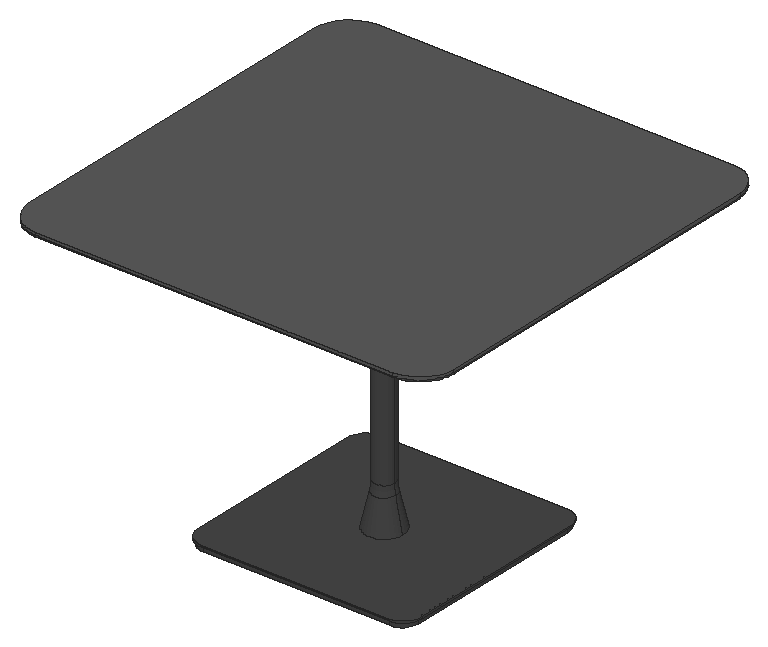
Revit family "NBS_Allermuir_OffcTbls-en-us-FortySeven_WorkLoungeTables", category Furniture, Revit 2018
Family settings
  Work Plane-Based = No
  Always vertical = Yes
  Cut with Voids When Loaded = No
  Shared = No
  Room Calculation Point = No
Parameters (values of type "FortySeven_WorkLoungeTable_FRSW36SQ")
  WorksurfaceArea = 0.00 m²
  WarrantyStartDate [instance] = "1900-12-31T23:59:59"
  WarrantyGuarantorParts = "sales@allermuir.com"
  WarrantyGuarantorLabor = "n/a"
  WarrantyDurationUnit = "year"
  WarrantyDurationParts = "10"
  WarrantyDurationLabor = "n/a"
  WarrantyDescription = "Allermuir warrant that its manufactured products are free from manufacturing defects - in materials or workmanship - for a period of ten (10) years. , Allermuir will repair, or replace (at Allermuir's sole discretion) with comparable free of charge materials / components, any product / component which fails under normal use in a single shift environment, as a result of a defect in the materials and/ or workmanship"
  Version = "1"  # constant formula
  Uniclass2015Version = "Products v1.15"
  Uniclass2015Title = "Office tables"
  Uniclass2015Code = "Pr_40_50_21_60"
  TagNumber [instance] = "n/a"
  TableTopMaterial = NBS_Allermuir_LaminateFacedMDF_Black
  TableTopCornerRadiusOffset = 3.07087" + (TableTopWidth - 23.62205") / 50  # 3.31843"
  TableHeight = 25"  # constant formula
  TableTopWidth = 36"
  TableBaseMaterial = NBS_Allermuir_Steel_BlackPowderCoat
  SustainabilityPerformance = "13.50% recyclable"
  Style = "Table"
  Status = "UNSET"
  Size = "36 x 36 x 25\""
  Shape = "Square"
  SerialNumber [instance] = "n/a"
  Revision = "n/a"
  ReplacementCost = "n/a"
  Reference = "n/a"
  ProductInformation = "https://www.allermuir.com/media/21158/fortyseven_tables_price_list_us_2019.pdf"
  OmniClassVersion = "Table 22 2012-05-16"
  OmniClassTitle = "Office Tables"
  OmniClassCode = "22-12 51 23"
  NumberOfChairs = 0
  NominalWidth = TableTopWidth  # 36"
  NominalLength = TableTopWidth  # 36"
  NominalHeight = TableHeight  # 25"
  NominalDepth = TableTopWidth  # 36"
  Name = "OfficeTables_FRSW36SQ_FortySeven_Allermuir"
  NBSReference = "45-35-20/340"
  NBSDescription = "Office tables"
  NBSCertification = "www.nationalbimlibrary.com/cert/efjjb3sy"
  ModelReference = "FortySeven_WorkLoungeTables"
  ModelNumber = "FRSW36SQ"
  Material = "Plastic, Wood, Steel"
  ManufacturerURL = "www.allermuir.com"
  ManufacturerName = "Allermuir"  # constant formula
  Manufacturer = "sales@allermuir.com"
  MainColor = "n/a"
  IsSquare = yes
  IsRound = no
  IsBuiltIn = no
  InstallationDate [instance] = "1900-12-31T23:59:59"
  IfcExportType = "TABLE"  # constant formula
  IfcExportAs = "IfcFurnitureType"  # constant formula
  Grade = "n/a"
  Finish = "Black, white, stone"
  Features = "1” laminate faced MDF core top with a clear finish edge profile, 1” TFL top, Steel pedestal base finished in Black powder coat, Plastic glides with levelling adjustment, Table edge profile can be stained, Steel pedestal base available in White or Stone powder coat"
  ExpectedLife = "10"
  EdgeProfile = "47"
  DurationUnit = "year"
  Description = "Work lounge square table"
  Constituents = "n/a"
  Color = "n/a"
  CodePerformance = "n/a"
  Category = "Pr_40_50_21_60:Office tables"
  BarCode [instance] = "n/a"
  BIMObjectName = "NBS_Allermuir_OfficeTables_FortySeven_WorkLoungeTable_FRSW36SQ"
  Author = "NBS"  # constant formula
  AssetType = "Movable"
  AssetIdentifier [instance] = "n/a"
  AccessibilityPerformance = "n/a"
  AGradeLaminateRange = "960"
Types (5): name | TableTopCornerRadiusOffset | TableTopWidth | Size | Shape | NominalWidth | NominalLength | NominalDepth | Name | ModelNumber | IsSquare | IsRound | Description | BIMObjectName | AGradeLaminateRange
  (no name) | 3.19843" | 30" | "30 x 25\"" | "Circular" | 30" | 30" | 30" | "OfficeTables_FRSW30RD_FortySeven_Allermuir" | "FRSW30RD" | no | yes | "Work lounge round table" | "NBS_Allermuir_OfficeTables_FortySeven_WorkLoungeTable_FRSW30RD" | "830"
  FortySeven_WorkLoungeTable_FRSW30RD | 3.19843" | 30" | "30 x 25\"" | "Circular" | 30" | 30" | 30" | "OfficeTables_FRSW30RD_FortySeven_Allermuir" | "FRSW30RD" | no | yes | "Work lounge round table" | "NBS_Allermuir_OfficeTables_FortySeven_WorkLoungeTable_FRSW30RD" | "830"
  FortySeven_WorkLoungeTable_FRSW36RD | 3.31843" | 36" | "36 x 25\"" | "Circular" | 36" | 36" | 36" | "OfficeTables_FRSW36RD_FortySeven_Allermuir" | "FRSW36RD" | no | yes | "Work lounge round table" | "NBS_Allermuir_OfficeTables_FortySeven_WorkLoungeTable_FRSW36RD" | "945"
  FortySeven_WorkLoungeTable_FRSW30SQ | 3.19843" | 30" | "30 x 30 x 25\"" | "Square" | 30" | 30" | 30" | "OfficeTables_FRSW30SQ_FortySeven_Allermuir" | "FRSW30SQ" | yes | no | "Work lounge square table" | "NBS_Allermuir_OfficeTables_FortySeven_WorkLoungeTable_FRSW30SQ" | "850"
  FortySeven_WorkLoungeTable_FRSW36SQ | 3.31843" | 36" | "36 x 36 x 25\"" | "Square" | 36" | 36" | 36" | "OfficeTables_FRSW36SQ_FortySeven_Allermuir" | "FRSW36SQ" | yes | no | "Work lounge square table" | "NBS_Allermuir_OfficeTables_FortySeven_WorkLoungeTable_FRSW36SQ" | "960"
Reference planes (in)
  plane 1 "Center (Front/Back)": y = 0
  plane 2: z = 0
  plane 3 "Center (Left/Right)": x = 0
  plane 4 "Left": x = -18
  plane 5 "Front": y = -18
  plane 6 "Right": x = 18
  plane 7 "Back": y = 18
  plane 8 "Top": z = 25
  plane 9: x = -54
  plane 10: y = 54
  plane 11: y = -54
  plane 12: x = 54
Forms (in)
  Sweep 1, solid, material "NBS_Allermuir_LaminateFacedMDF_Black" <- "TableTopMaterial", visible <- "IsSquare", detail levels medium+fine
    path origin (0, 0, 25) x (-1, 0, 0) y (0, -1, 0)
      loop
        arc (17.61212, -14.83493) -> (18, 0) -> (17.61212, 14.83493) r 283.88189
        arc (17.61212, 14.83493) -> (16.75662, 16.75662) -> (14.83493, 17.61212) r 2.93455
        arc (14.83493, 17.61212) -> (0, 18) -> (-14.83493, 17.61212) r 283.88189
        arc (-14.83493, 17.61212) -> (-16.75662, 16.75662) -> (-17.61212, 14.83493) r 2.93455
        arc (-17.61212, 14.83493) -> (-18, 0) -> (-17.61212, -14.83493) r 283.88189
        arc (-17.61212, -14.83493) -> (-16.75662, -16.75662) -> (-14.83493, -17.61212) r 2.93455
        arc (-14.83493, -17.61212) -> (0, -18) -> (14.83493, -17.61212) r 283.88189
        arc (14.83493, -17.61212) -> (16.75662, -16.75662) -> (17.61212, -14.83493) r 2.93455
    profile origin (-18, 0, 25) x (1, 0, 0) y (0, 0, 1)
      loop
        line (0, 0) -> (0, -0.25658)
        arc (0, -0.25658) -> (0.01549, -0.30347) -> (0.05587, -0.33192) r 0.07874
        line (0.05587, -0.33192) -> (2.20472, -0.98425) -> (2.59843, -0.98425) -> (2.59843, 0) -> (0, 0)
  Extrusion 2, solid, material "NBS_Allermuir_LaminateFacedMDF_Black" <- "TableTopMaterial", visible <- "IsSquare", detail levels medium+fine
    sketch origin (0, 0, 25) x (-1, 0, 0) y (0, -1, 0)
      loop
        arc (15.01724, -14.69914) -> (15.40157, 0) -> (15.01724, 14.69914) r 281.28346
        arc (15.01724, 14.69914) -> (14.91925, 14.91925) -> (14.69914, 15.01724) r 0.33613
        arc (14.69914, 15.01724) -> (0, 15.40157) -> (-14.69914, 15.01724) r 281.28346
        arc (-14.69914, 15.01724) -> (-14.91925, 14.91925) -> (-15.01724, 14.69914) r 0.33613
        arc (-15.01724, 14.69914) -> (-15.40157, 0) -> (-15.01724, -14.69914) r 281.28346
        arc (-15.01724, -14.69914) -> (-14.91925, -14.91925) -> (-14.69914, -15.01724) r 0.33613
        arc (-14.69914, -15.01724) -> (0, -15.40157) -> (14.69914, -15.01724) r 281.28346
        arc (14.69914, -15.01724) -> (14.91925, -14.91925) -> (15.01724, -14.69914) r 0.33613
    from 0 to -0.98425
  Extrusion 3, solid, material "NBS_Allermuir_LaminateFacedMDF_Black" <- "TableTopMaterial", visible <- "IsSquare", detail levels coarse
    sketch origin (0, 0, 25) x (-1, 0, 0) y (0, -1, 0)
      loop
        line (18, -18) -> (18, 18) -> (-18, 18) -> (-18, -18) -> (18, -18)
    from 0 to -0.98425
  Sweep 4, void
    path origin (0, 0, 25) x (-1, 0, 0) y (0, -1, 0)
      loop
        circle (0, 0) r 18
    profile origin (0, -18, 25) x (0, 1, 0) y (0, 0, 1)
      loop
        line (0, -0.25658) -> (0, -0.98425) -> (2.20472, -0.98425) -> (0.05587, -0.33192)
        arc (0.05587, -0.33192) -> (0.01549, -0.30347) -> (0, -0.25658) r 0.07874
  Extrusion 5, solid, material "NBS_Allermuir_LaminateFacedMDF_Black" <- "TableTopMaterial", visible <- "IsRound", detail levels medium+fine
    sketch origin (0, 0, 25) x (-1, 0, 0) y (0, -1, 0)
      loop
        circle (0, 0) r 18
    from 0 to -0.98425
  Extrusion 6, solid, material "NBS_Allermuir_LaminateFacedMDF_Black" <- "TableTopMaterial", visible <- "IsRound", detail levels coarse
    sketch origin (0, 0, 25) x (-1, 0, 0) y (0, -1, 0)
      loop
        circle (0, 0) r 18
    from 0 to -0.98425
  Extrusion 7, solid, material "NBS_Allermuir_Steel_BlackPowderCoat" <- "TableBaseMaterial", detail levels fine
    sketch origin (0, 0, 25) x (-1, 0, 0) y (0, -1, 0)
      loop
        arc (-6.88976, -3.54331) -> (-5.90961, -5.90961) -> (-3.54331, -6.88976) r 3.34646
        line (-3.54331, -6.88976) -> (3.54331, -6.88976)
        arc (3.54331, -6.88976) -> (5.90961, -5.90961) -> (6.88976, -3.54331) r 3.34646
        line (6.88976, -3.54331) -> (6.88976, 3.54331)
        arc (6.88976, 3.54331) -> (5.90961, 5.90961) -> (3.54331, 6.88976) r 3.34646
        line (3.54331, 6.88976) -> (-3.54331, 6.88976)
        arc (-3.54331, 6.88976) -> (-5.90961, 5.90961) -> (-6.88976, 3.54331) r 3.34646
        line (-6.88976, 3.54331) -> (-6.88976, -3.54331)
    from -0.98425 to -1.1811
  Revolve 8, solid, material "NBS_Allermuir_Steel_BlackPowderCoat" <- "TableBaseMaterial"
    sketch origin (0, 0, 0) x (1, 0, 0) y (0, 0, 1)
      loop
        line (0, 0.59055) -> (1.5748, 0.59055) -> (0.96217, 3.31338)
        arc (0.96217, 3.31338) -> (0.89022, 3.74283) -> (0.86614, 4.1776) r 3.93701
        line (0.86614, 4.1776) -> (0.86614, 24.01575) -> (0, 24.01575) -> (0, 0.59055)
      axis (0, 24.01575) -> (0, 0.59055)
    angle from 0 to 360
  Extrusion 9, solid, material "NBS_Allermuir_Steel_BlackPowderCoat" <- "TableBaseMaterial", visible <- "IsRound", detail levels fine
    sketch origin (0, 0, 0) x (1, 0, 0) y (0, 1, 0)
      loop
        circle (0, 0) r 9.01575
    from 0 to 0.47244
  Extrusion 10, solid, material "NBS_Allermuir_Steel_BlackPowderCoat" <- "TableBaseMaterial", visible <- "IsRound", detail levels fine
    sketch origin (0, 0, 0) x (1, 0, 0) y (0, 1, 0)
      loop
        circle (0, 0) r 9.25197
    from 0.47244 to 0.59055
  Extrusion 11, solid, material "NBS_Allermuir_Steel_BlackPowderCoat" <- "TableBaseMaterial", visible <- "IsRound", detail levels coarse+medium
    sketch origin (0, 0, 0) x (1, 0, 0) y (0, 1, 0)
      loop
        circle (0, 0) r 9.25197
    from 0 to 0.59055
  Extrusion 12, solid, material "NBS_Allermuir_Steel_BlackPowderCoat" <- "TableBaseMaterial", visible <- "IsSquare", detail levels fine
    sketch origin (0, 0, 0) x (1, 0, 0) y (0, 1, 0)
      loop
        arc (9.29134, 7.71654) -> (8.83009, 8.83009) -> (7.71654, 9.29134) r 1.5748
        line (7.71654, 9.29134) -> (-7.71654, 9.29134)
        arc (-7.71654, 9.29134) -> (-8.83009, 8.83009) -> (-9.29134, 7.71654) r 1.5748
        line (-9.29134, 7.71654) -> (-9.29134, -7.71654)
        arc (-9.29134, -7.71654) -> (-8.83009, -8.83009) -> (-7.71654, -9.29134) r 1.5748
        line (-7.71654, -9.29134) -> (7.71654, -9.29134)
        arc (7.71654, -9.29134) -> (8.83009, -8.83009) -> (9.29134, -7.71654) r 1.5748
        line (9.29134, -7.71654) -> (9.29134, 7.71654)
    from 0.47244 to 0.59055
  Extrusion 13, solid, material "NBS_Allermuir_Steel_BlackPowderCoat" <- "TableBaseMaterial", visible <- "IsSquare", detail levels fine
    sketch origin (0, 0, 0) x (1, 0, 0) y (0, 1, 0)
      loop
        line (-9.05512, 7.71654) -> (-9.05512, -7.71654)
        arc (-9.05512, -7.71654) -> (-8.66306, -8.66306) -> (-7.71654, -9.05512) r 1.33858
        line (-7.71654, -9.05512) -> (7.71654, -9.05512)
        arc (7.71654, -9.05512) -> (8.66306, -8.66306) -> (9.05512, -7.71654) r 1.33858
        line (9.05512, -7.71654) -> (9.05512, 7.71654)
        arc (9.05512, 7.71654) -> (8.66306, 8.66306) -> (7.71654, 9.05512) r 1.33858
        line (7.71654, 9.05512) -> (-7.71654, 9.05512)
        arc (-7.71654, 9.05512) -> (-8.66306, 8.66306) -> (-9.05512, 7.71654) r 1.33858
    from 0 to 0.47244
  Extrusion 14, solid, material "NBS_Allermuir_Steel_BlackPowderCoat" <- "TableBaseMaterial", visible <- "IsSquare", detail levels medium
    sketch origin (0, 0, 0) x (1, 0, 0) y (0, 1, 0)
      loop
        line (-9.29134, 7.71654) -> (-9.29134, -7.71654)
        arc (-9.29134, -7.71654) -> (-8.83009, -8.83009) -> (-7.71654, -9.29134) r 1.5748
        line (-7.71654, -9.29134) -> (7.71654, -9.29134)
        arc (7.71654, -9.29134) -> (8.83009, -8.83009) -> (9.29134, -7.71654) r 1.5748
        line (9.29134, -7.71654) -> (9.29134, 7.71654)
        arc (9.29134, 7.71654) -> (8.83009, 8.83009) -> (7.71654, 9.29134) r 1.5748
        line (7.71654, 9.29134) -> (-7.71654, 9.29134)
        arc (-7.71654, 9.29134) -> (-8.83009, 8.83009) -> (-9.29134, 7.71654) r 1.5748
    from 0 to 0.59055
  Extrusion 15, solid, material "NBS_Allermuir_Steel_BlackPowderCoat" <- "TableBaseMaterial", visible <- "IsSquare", detail levels coarse
    sketch origin (0, 0, 0) x (1, 0, 0) y (0, 1, 0)
      loop
        line (-9.29134, 9.29134) -> (-9.29134, -9.29134) -> (9.29134, -9.29134) -> (9.29134, 9.29134) -> (-9.29134, 9.29134)
    from 0 to 0.59055
Cuts and joins
  joined: Sweep 1, Extrusion 2
  Sweep 4 cuts Extrusion 5
Dimensions and locks (in)
  equal spacing: plane 7 "Back", plane 1 "Center (Front/Back)", plane 5 "Front"
  equal spacing: plane 4 "Left", plane 3 "Center (Left/Right)", plane 6 "Right"
  "TableTopWidth": plane 4 "Left" to plane 6 "Right"
  "TableTopWidth": plane 7 "Back" to plane 5 "Front"
  "TableHeight": plane 8 "Top" to plane 2
  locked: plane 4 "Left" to Sweep 1 sketch curve at 0
  locked: plane 7 "Back" to Sweep 1 sketch curve at 0
  locked: plane 5 "Front" to Sweep 1 sketch curve at 0
  locked: plane 6 "Right" to Sweep 1 sketch curve at 0
  "TableTopWidth": plane 9 to plane 4 "Left"
  locked: plane 9 to Sweep 1 sketch curve at 319.88189
  "TableTopWidth": plane 7 "Back" to plane 10
  "TableTopWidth": plane 6 "Right" to plane 12
  "TableTopWidth": plane 5 "Front" to plane 11
  locked: plane 10 to Sweep 1 sketch curve at 319.88189
  locked: Sweep 1 sketch curve to plane 12 at 319.88189
  locked: Sweep 1 sketch curve to plane 11 at 319.88189
  "TableTopCornerRadiusOffset": Sweep 1 sketch curve to plane 7 "Back"  (x2)
  "TableTopCornerRadiusOffset": Sweep 1 sketch curve to plane 6 "Right"  (x2)
  "TableTopCornerRadiusOffset": Sweep 1 sketch curve to plane 5 "Front"  (x2)
  "TableTopCornerRadiusOffset": plane 4 "Left" to Sweep 1 sketch curve  (x2)
  Extrusion 7 sketch curve to plane 1 "Center (Front/Back)" to Extrusion 7 sketch curve = 6.88976" locked, 6.88976" locked
  Extrusion 7 sketch curve to plane 3 "Center (Left/Right)" to Extrusion 7 sketch curve = 6.88976" locked, 6.88976" locked
  locked: Revolve 8 sketch curve to plane 3 "Center (Left/Right)" at 0.86614
  locked: plane 8 "Top" to Revolve 8 sketch curve at 0.98425
  locked: Revolve 8 sketch curve to plane 2 at 0.59055
  Extrusion 15 sketch curve to plane 3 "Center (Left/Right)" to Extrusion 15 sketch curve = 9.29134" locked, 9.29134" locked
  Extrusion 15 sketch curve to plane 1 "Center (Front/Back)" to Extrusion 15 sketch curve = 9.29134" locked, 9.29134" locked
  Extrusion 14 sketch curve to plane 1 "Center (Front/Back)" to Extrusion 14 sketch curve = 9.29134" locked, 9.29134" locked
  Extrusion 14 sketch curve to plane 3 "Center (Left/Right)" to Extrusion 14 sketch curve = 9.29134" locked, 9.29134" locked
  Extrusion 13 sketch curve to plane 1 "Center (Front/Back)" to Extrusion 13 sketch curve = 9.05512" locked, 9.05512" locked
  Extrusion 13 sketch curve to plane 3 "Center (Left/Right)" to Extrusion 13 sketch curve = 9.05512" locked, 9.05512" locked
  Extrusion 12 sketch curve to plane 3 "Center (Left/Right)" to Extrusion 12 sketch curve = 9.29134" locked, 9.29134" locked
  Extrusion 12 sketch curve to plane 1 "Center (Front/Back)" to Extrusion 12 sketch curve = 9.29134" locked, 9.29134" locked
  "TableTopWidth": diameter of Sweep 4 sketch curve
  "TableTopWidth": diameter of Extrusion 5 sketch curve
  "TableTopWidth": diameter of Extrusion 6 sketch curve
  aligned and locked: level to plane 2
  aligned and locked: plane 1 "Center (Front/Back)" to Sweep 1 sketch curve
  aligned and locked: Extrusion 2 sketch curve to Sweep 1  (x8)
  aligned and locked: Extrusion 3 sketch curve to plane 4 "Left"
  aligned and locked: plane 7 "Back" to Extrusion 3 sketch curve
  aligned and locked: plane 6 "Right" to Extrusion 3 sketch curve
  aligned and locked: Extrusion 3 sketch curve to plane 5 "Front"
  aligned and locked: plane 1 "Center (Front/Back)" to Sweep 4 sketch curve
  aligned and locked: plane 3 "Center (Left/Right)" to Sweep 4 sketch curve
  aligned and locked: plane 1 "Center (Front/Back)" to Extrusion 5 sketch curve
  aligned and locked: plane 3 "Center (Left/Right)" to Extrusion 5 sketch curve
  aligned and locked: plane 1 "Center (Front/Back)" to Extrusion 6 sketch curve
  aligned and locked: plane 3 "Center (Left/Right)" to Extrusion 6 sketch curve
  aligned and locked: plane 3 "Center (Left/Right)" to Revolve 8 sketch curve
  aligned and locked: Revolve 8 sketch curve to plane 3 "Center (Left/Right)"
Automatic sketch dimensions
  profile plane to Sweep 1 sketch curve = 0"
  Sweep 1 sketch curve to profile plane = 0.05587"
  Sweep 1 sketch curve to Sweep 1 sketch curve = 0.02287"
  Sweep 1 sketch curve to plane 8 "Top" = 0.98425"
  Sweep 1 sketch curve to profile plane = 2.20472"
  Sweep 1 sketch curve to plane 8 "Top" = 0.33192"
  Sweep 1 sketch curve to Sweep 1 sketch curve = 0.3937"
  Sweep 1 sketch curve to plane 8 "Top" = 0"
  Sweep 4 sketch curve to Sweep 4 sketch curve = 0.05587"
  Sweep 4 sketch curve to Sweep 4 sketch curve = 0.02287"
  Sweep 4 sketch curve to profile plane = 2.20472"
  Sweep 4 sketch curve to Sweep 4 sketch curve = 0.65233"
  Sweep 4 sketch curve to plane 8 "Top" = 0.98425"
  Sweep 4 sketch curve to plane 8 "Top" = 0.25658"
  Sweep 4 sketch curve to profile plane = 0"  (x2)
  plane 3 "Center (Left/Right)" to Extrusion 7 sketch curve = 3.54331"
  Extrusion 7 sketch curve to Extrusion 7 sketch curve = 3.34646"  (x2)
  plane 1 "Center (Front/Back)" to Extrusion 7 sketch curve = 3.54331"
  Revolve 8 sketch curve to Revolve 8 sketch curve = 0.09602"
  plane 3 "Center (Left/Right)" to Revolve 8 sketch curve = 1.5748"
  Revolve 8 sketch curve to Revolve 8 sketch curve = 0.86422"
  Revolve 8 sketch curve to level = 17.3423"
  plane 8 "Top" to Revolve 8 sketch curve = 63.67774"
  plane 1 "Center (Front/Back)" to Extrusion 9 sketch curve = 0"
  Extrusion 9 sketch curve to plane 3 "Center (Left/Right)" = 0"
  plane 1 "Center (Front/Back)" to Extrusion 10 sketch curve = 0"
  Extrusion 10 sketch curve to plane 3 "Center (Left/Right)" = 0"
  plane 1 "Center (Front/Back)" to Extrusion 11 sketch curve = 0"
  Extrusion 11 sketch curve to plane 3 "Center (Left/Right)" = 0"
  Extrusion 12 sketch curve to Extrusion 12 sketch curve = 1.5748"  (x4)
  Extrusion 13 sketch curve to Extrusion 13 sketch curve = 1.33858"  (x4)
  Extrusion 14 sketch curve to Extrusion 14 sketch curve = 1.5748"  (x4)
  Sweep 1 sketch curve to plane 3 "Center (Left/Right)" = 0"  (x2)
  Sweep 1 sketch curve to plane 1 "Center (Front/Back)" = 0"
  Sweep 1 sketch curve to Sweep 1 sketch curve = 0"  (x4)
  radius of Extrusion 9 sketch curve = 9.01575"
  radius of Extrusion 10 sketch curve = 9.25197"
  radius of Extrusion 11 sketch curve = 9.25197"
